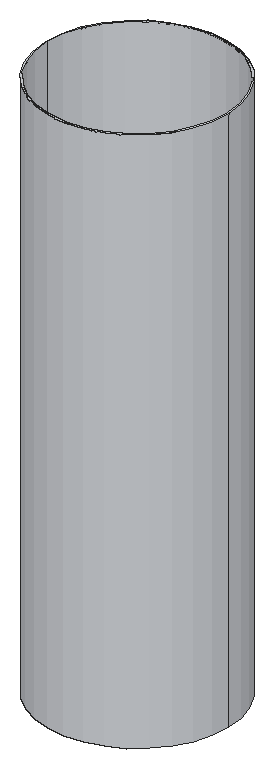
Revit family "Round Floor Sleeve", category Duct Accessories, Revit 2021
Family settings
  Round Connector Dimension = Use Diameter
  Part Type = Attaches To
  Work Plane-Based = Yes
  Always vertical = Yes
  Cut with Voids When Loaded = No
  Shared = No
Parameters
  TS_Point_Description [instance] = "SLV"
  Length [instance] = 0' - 6"
  Inner Diameter [instance] = Diameter - 0' 0 1/32"  # 0' - 1 31/32"
  GTP_PointRole_0 [instance] = ""
  GTP_PointNumber_0 [instance] = ""
  GTP_PointElement_0 [instance] = ""
  GTP_LinkedParam_0 [instance] = "GTP_PointNumber_0"
  Diameter [instance] = 0' - 2"
  Default Elevation = 4' - 0"
Reference planes (in)
  plane 1 "Center (Front/Back)": y = 0
  plane 2: z = 0
  plane 3 "Center (Left/Right)": x = 0
  plane 4: z = -6
  plane 5: z = -3
Forms (in)
  Extrusion 1, solid
    sketch origin (0, 0, 0) x (1, 0, 0) y (0, 1, 0)
      loop
        circle (0, 0) r 1
      loop
        circle (0, 0) r 0.98438
    from 0 to -6
Lines and regions (in)
  model lines
    curve 1: circle (0, 0, 0) r 0.00391 normal (0, 0, 1)
Dimensions and locks (in)
  "Length": level to plane 4
  equal spacing: plane 2, plane 5, plane 4
  "Diameter": diameter of Extrusion 1 sketch curve
  "Inner Diameter": diameter of Extrusion 1 sketch curve
  aligned and locked: plane 2 to level
  aligned and locked: plane 2 to Extrusion 1
  aligned and locked: Extrusion 1 to plane 4
  aligned and locked: plane 5 to nested 1
Automatic sketch dimensions
  Extrusion 1 sketch curve to Extrusion 1 sketch curve = 0' - 0"  (x2)
  plane 1 "Center (Front/Back)" to Extrusion 1 sketch curve = 0' - 0"
  Extrusion 1 sketch curve to plane 3 "Center (Left/Right)" = 0' - 0"
  plane 1 "Center (Front/Back)" to curve 1 = 0' - 0"
  curve 1 to plane 3 "Center (Left/Right)" = 0' - 0"
  radius of curve 1 = 0' - 0 1/256"
Nested families (in)
  nested 1: "GTP" at (0, 0, -3), PointNumber <- "GTP_PointNumber_0", PointRole <- "GTP_PointRole_0", PointElement <- "GTP_PointElement_0", LinkedParam <- "GTP_LinkedParam_0", PointDescription <- "TS_Point_Description", type "Generic Pt"
    with PointRole "", PointNumber "", PointElement "", PointDescription "SLV", LinkedParam "GTP_PointNumber_0"
Definition of nested family "GTP"
  Parameters (values of type "Generic Pt")
    URL = ""
    PointRole [instance] = "Stake Out"
    PointNumber [instance] = ""
    PointElement [instance] = ""
    PointDescription [instance] = "Generic Pt"
    Manufacturer = "Autodesk Inc."
    LinkedParam [instance] = ""
    Default Elevation = 0' - 0"
  Reference planes (in)
    plane 1 "Center (Front/Back)": y = 0
    plane 2: z = 0
    plane 3 "Center (Left/Right)": x = 0
  Forms (in)
    Extrusion 1, solid, detail levels medium+fine
      sketch origin (0, 0, 0) x (1, 0, 0) y (0, 1, 0)
        loop
          line (0.5, -0.5) -> (0.5, 0.5) -> (-0.5, 0.5) -> (-0.5, -0.5) -> (0.5, -0.5)
      from -0.5 to 0.5
  Lines and regions (in)
    model lines, detail levels coarse+medium
      curve 1: line (0, 0.5, 0) -> (0, 0, 0)
      curve 2: line (-0.5, 0, 0) -> (0, 0, 0)
      curve 3: line (0, 0, -0.5) -> (0, 0, 0)
      curve 4: line (0, 0, 0) -> (0.5, 0, 0)
      curve 5: line (0, 0, 0) -> (0, -0.5, 0)
      curve 6: line (0, 0, 0) -> (0, 0, 0.5)
